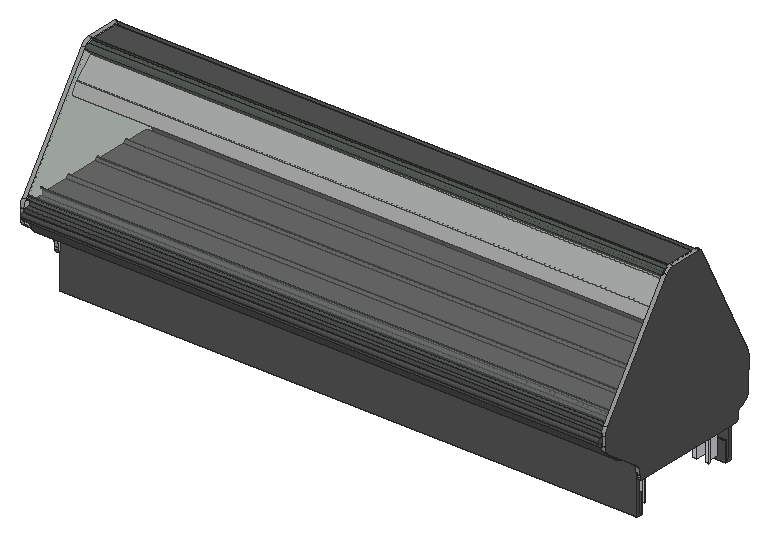
Revit family "ESGSS_2014", category Specialty Equipment, Revit 2014
Parameters (values of type "12'-0" Length")
  Width = 144 1/2"
  Waste Drain = 1 1/2"  # constant formula
  URL = "www.hussmann.com"
  Type Comments = "Elite"  # constant formula
  Trim = Stainless Steel
  Total Weight = Case Weight + (2 * End Weight)  # 1400.00 lbf
  Splashguard = Textured Sheet Metal (Steel Painted) - 701 Black
  Side Panel - Right [instance] = yes
  Side Panel - Left [instance] = yes
  Shelves = Sheet Metal (Steel Painted) - 701 Black
  Revit Family Date = "05/26/2016"  # constant formula
  Refrigeration Lines Suction = 5/8"  # constant formula
  Refrigeration Lines Liquid = 3/8"  # constant formula
  Refrig. Suction = "Suction"
  Refrig. Liquid = "Liquid"
  Number of Supports = if(Width < 50", 2, if(Width < 100", 3, 4))  # 4
  Note from Manufacturer = "This model only comes 4'-0\", 6'-0\", 8'-0\", and 12'-0\" lengths."
  Model URL = "http://www.hussmann.com/en/product%20viewer/display-cases/ESGMS,%20ESGSS"
  Model = "ESGSS"  # constant formula
  Manufacturer Disclaimer = "The information in this file is not intended to be an exact representation of the corresponding Hussmann product.  Further, we reserve the right to change or revise specifications and product design in connection with any feature of our products. Such changes do not entitle the buyer to corresponding changes, improvements, additions, or replacements for equipment previously sold or shipped."  # constant formula
  Manufacturer = "Hussmann Corporation"  # constant formula
  Location of Drain = if(Width < 144", 24 1/8", 72 1/4")  # 72 1/4"
  Light [instance] = yes
  Height = 52 1/4"  # constant formula
  Glazing = Glass
  Ends = Textured Sheet Metal (Steel Painted) - 701 Black
  End Weight = 100.00 lbf  # constant formula
  Door Frame = Plastic - 701 Black
  Description = "Straight Glass Service Case with Gravity Coil for Seafood"  # constant formula
  Depth = 45 1/4"  # constant formula
  Cutsheet URL = "http://www.hussmann.com/en/Technical%20Documents/0522405_B_ESGSS.pdf"
  Case Weight = if(Width = 48 1/4", 600.00 lbf, if(Width = 72 3/8", 700.00 lbf, if(Width = 96 3/8", 1100.00 lbf, if(Width = 144 1/2", 1200.00 lbf, 0.00 lbf))))  # 1200.00 lbf
  Case Interior - Side Panel = Mirror
  Case Interior - Back Panel = Stainless Steel
  Case = Textured Sheet Metal (Steel Painted) - 701 Black
  Bumper = Extruded PVC - 701 Black
  Assembly Code = ""
  Accessories/Options = ""
  8 Case = Width = 96 3/8"  # no
  6 Case = Width = 72 3/8"  # no
  4 Case = Width = 48 1/4"  # no
  12 Case = Width = 144 1/2"  # yes
Reference planes (in)
  plane 1 "Back": y = 0
  plane 2 "Bottom": z = 0
  plane 3 "Top": z = 52.25
  plane 4 "Left": x = -77.30699
  plane 5 "Front": y = -45.25
  plane 6 "Center (Left/Right)": x = -5.05699
  plane 7: x = -78.30699
  plane 8 "Right": x = 67.19301
  plane 9: x = 68.19301
Forms (in)
  Extrusion 1, solid, material "Metal - Copper"
    sketch origin (63.0625, 1.04319, 0) x (1, 0, 0) y (0, 1, 0)
      loop
        arc (-68.11949, -26.54319) -> (-68.64982, -26.76286) -> (-68.86949, -27.29319) r 0.75
        arc (-68.86949, -27.29319) -> (-68.64982, -27.82352) -> (-68.11949, -28.04319) r 0.75
        arc (-68.11949, -28.04319) -> (-67.58916, -27.82352) -> (-67.36949, -27.29319) r 0.75
        arc (-67.36949, -27.29319) -> (-67.58916, -26.76286) -> (-68.11949, -26.54319) r 0.75
      loop
        circle (-68.11949, -27.29319) r 0.7102
    from 15.4495 to 14.2
  Extrusion 2, solid, material "Metal - Copper"
    sketch origin (57.40105, 5, -0.375) x (1, 0, 0) y (0, 1, 0)
      loop
        circle (1.22946, -34.375) r 0.28859
      loop
        circle (1.22946, -34.375) r 0.3125
    from 15.8245 to 0.375
  Extrusion 3, solid, material "Metal - Copper"
    sketch origin (59.82608, 5, -0.375) x (1, 0, 0) y (0, 1, 0)
      loop
        circle (-0.69557, -34.375) r 0.17188
      loop
        circle (-0.69557, -34.375) r 0.1875
    from 15.8245 to 0.375
  Extrusion 4, solid, material "Textured Sheet Metal (Steel Painted) - 701 Black" <- "Case"
    sketch origin (-5.05699, 0, 0) x (0, 1, 0) y (0, 0, 1)
      loop
        arc (-43.34613, 20.46649) -> (-40.36116, 16.18673) -> (-35.40912, 14.54243) r 8.279
        line (-35.40912, 14.54243) -> (-35.13012, 14.54243) -> (-35.13012, 15.12049) -> (-32.38472, 15.12049) -> (-32.38472, 13.03449) -> (-32.18041, 13.15244) -> (-31.84269, 12.56748) -> (-31.84269, 15.4495) -> (-5.46069, 15.4495) -> (-5.46069, 12.56949) -> (-2.20656, 12.56949) -> (-0.04964, 14.72641) -> (-0.05876, 19.34519) -> (0, 19.34519) -> (0, 20.00316) -> (-0.062, 20.00316) -> (-0.062, 23.22015) -> (-0.8415, 24.75) -> (-4.0439, 23.11829) -> (-5.2273, 25.44085) -> (-5.72181, 25.18889) -> (-5.51752, 24.78793) -> (-5.45069, 24.82198) -> (-5.62094, 25.15611) -> (-5.26008, 25.33998) -> (-4.01342, 22.89327) -> (-7.65194, 22.89327) -> (-7.65194, 23.03827) -> (-7.72694, 23.03827) -> (-7.72694, 22.81827) -> (-3.84453, 22.81827) -> (-4.17722, 22.64876) -> (-4.51207, 22.0258) -> (-4.51207, 21.52249) -> (-37.44744, 21.52249) -> (-37.44744, 23.4609) -> (-39.4766, 23.4609) -> (-39.4766, 24.2149) -> (-40.75586, 24.2149) -> (-40.75586, 24.26058) -> (-42.60732, 25.32952)
        arc (-42.60732, 25.32952) -> (-42.68944, 25.3331) -> (-42.73947, 25.2679) r 0.089
        line (-42.73947, 25.2679) -> (-43.05817, 23.46049) -> (-44.31609, 23.46049) -> (-44.31609, 20.46649) -> (-43.34613, 20.46649)
      loop
        line (-16.41514, 47.39822) -> (-13.21274, 49.02993) -> (-14.78962, 52.12472) -> (-15.85021, 52.12472) -> (-15.85021, 51.83972) -> (-22.93044, 51.83972) -> (-22.93044, 52.12472) -> (-23.04044, 52.12472) -> (-23.04044, 49.54858) -> (-17.51081, 49.54858) -> (-16.41514, 47.39822)
    from 72.25 to -72.25
  Extrusion 5, solid, material "Sheet Metal (Steel Painted) - 701 Black" <- "Shelves"
    sketch origin (-5.05699, 0, 0) x (0, 1, 0) y (0, 0, 1)
      loop
        line (-37.4476, 23.36548) -> (-37.4476, 23.03827) -> (-5.71614, 23.03827) -> (-6.32905, 24.55527) -> (-12.26216, 24.55527) -> (-12.84942, 25.14253)
        arc (-12.84942, 25.14253) -> (-12.89538, 25.16156) -> (-12.94134, 25.14253) r 0.065
        line (-12.94134, 25.14253) -> (-13.52859, 24.55527) -> (-21.26216, 24.55527) -> (-21.84942, 25.14253)
        arc (-21.84942, 25.14253) -> (-21.89538, 25.16156) -> (-21.94134, 25.14253) r 0.065
        line (-21.94134, 25.14253) -> (-22.52859, 24.55527) -> (-30.26216, 24.55527) -> (-30.84942, 25.14253)
        arc (-30.84942, 25.14253) -> (-30.89538, 25.16156) -> (-30.94134, 25.14253) r 0.065
        line (-30.94134, 25.14253) -> (-31.52859, 24.55527) -> (-38.8181, 24.55527) -> (-38.8181, 25.02035) -> (-38.88825, 25.02035) -> (-38.88825, 23.70998) -> (-37.57576, 23.70998)
        arc (-37.57576, 23.70998) -> (-37.40901, 23.61158) -> (-37.41453, 23.41803) r 0.1905
        line (-37.41453, 23.41803) -> (-37.4476, 23.36548)
    from 72.25 to -72.25
  Extrusion 6, solid, material "Glass" <- "Glazing"
    sketch origin (-5.05699, 0, 0) x (0, 1, 0) y (0, 0, 1)
      loop
        line (-39.4766, 23.4609) -> (-39.2266, 23.4609) -> (-39.2266, 25.8239)
        arc (-39.2266, 25.8239) -> (-39.3516, 25.9489) -> (-39.4766, 25.8239) r 0.125
        line (-39.4766, 25.8239) -> (-39.4766, 23.4609)
    from 72.25 to -72.25
  Extrusion 7, solid, material "Glass" <- "Glazing"
    sketch origin (-5.05699, 0, 0) x (0, 1, 0) y (0, 0, 1)
      loop
        line (-24.56718, 51.06366) -> (-24.75952, 51.20079) -> (-43.48057, 24.94084) -> (-43.28841, 24.80385) -> (-24.56718, 51.06366)
    from 72.25 to -72.25
  Extrusion 8, solid, material "Plastic - 701 Black" <- "Door Frame"
    sketch origin (-5.05699, 0, 0) x (0, 1, 0) y (0, 0, 1)
      loop
        line (-42.92793, 24.66558) -> (-42.80809, 25.34521) -> (-42.87066, 25.38981) -> (-43.28841, 24.80385) -> (-43.48057, 24.94084) -> (-43.0632, 25.5263) -> (-43.11366, 25.56227) -> (-43.53024, 24.97795)
        arc (-43.53024, 24.97795) -> (-43.54114, 24.93068) -> (-43.51542, 24.88954) r 0.06338
        line (-43.51542, 24.88954) -> (-43.31336, 24.74549)
        arc (-43.31336, 24.74549) -> (-43.26859, 24.73517) -> (-43.22962, 24.75953) r 0.06004
        line (-43.22962, 24.75953) -> (-43.21066, 24.78613)
        arc (-43.21066, 24.78613) -> (-43.16785, 24.81289) -> (-43.11865, 24.80155) r 0.06597
        line (-43.11865, 24.80155) -> (-42.92793, 24.66558)
      loop
        line (-24.75952, 51.20079) -> (-24.56718, 51.06366) -> (-25.05791, 50.37532) -> (-24.88164, 50.24951)
        arc (-24.88164, 50.24951) -> (-24.86696, 50.24611) -> (-24.85418, 50.25409) r 0.01969
        line (-24.85418, 50.25409) -> (-24.74903, 50.40142) -> (-24.39718, 49.82687)
        arc (-24.39718, 49.82687) -> (-24.31317, 49.73615) -> (-24.2007, 49.68476) r 0.31496
        line (-24.2007, 49.68476) -> (-23.51668, 49.52387)
        arc (-23.51668, 49.52387) -> (-22.59926, 49.42369) -> (-21.68488, 49.54858) r 3.78388
        line (-21.68488, 49.54858) -> (-23.04044, 49.54858) -> (-23.04044, 50.09559)
        arc (-23.04044, 50.09559) -> (-23.11333, 50.10553) -> (-23.18597, 50.11718) r 3.15396
        line (-23.18597, 50.11718) -> (-23.18597, 51.88199)
        arc (-23.18597, 51.88199) -> (-23.19704, 51.90935) -> (-23.22401, 51.92134) r 0.03937
        arc (-23.22401, 51.92134) -> (-23.8344, 51.87783) -> (-24.4223, 51.70797) r 2.91774
        arc (-24.4223, 51.70797) -> (-25.03088, 51.2776) -> (-25.32866, 50.59428) r 1.38647
        arc (-25.32866, 50.59428) -> (-25.32477, 50.57019) -> (-25.30799, 50.55247) r 0.04142
        line (-25.30799, 50.55247) -> (-25.25081, 50.51166) -> (-24.75952, 51.20079)
    from 72.25 to -72.25
  Extrusion 9, solid, material "Extruded PVC - 701 Black" <- "Bumper"
    sketch origin (-5.05699, 0, 0) x (0, 1, 0) y (0, 0, 1)
      loop
        arc (-44.69659, 22.55399) -> (-45.25009, 22.00049) -> (-44.69659, 21.44699) r 0.5535
        line (-44.69659, 21.44699) -> (-44.31609, 21.44699) -> (-44.31609, 22.55399) -> (-44.69659, 22.55399)
    from 72.25 to -72.25
  Extrusion 10, solid, material "Sheet Metal (Steel Painted) - 701 Black" <- "Shelves"
    sketch origin (-5.05699, 0, 0) x (0, 1, 0) y (0, 0, 1)
      loop
        line (-22.93044, 51.83972) -> (-15.85021, 51.83972) -> (-15.85021, 52.12472) -> (-22.93044, 52.12472) -> (-22.93044, 51.83972)
    from 72.25 to -72.25
  Extrusion 11, solid, material "Textured Sheet Metal (Steel Painted) - 701 Black" <- "Splashguard"
    sketch origin (-5.05699, 0, 0) x (0, 1, 0) y (0, 0, 1)
      loop
        line (-33.24969, 0.071) -> (-33.04469, 0.071) -> (-33.04469, 0) -> (-31.84269, 0) -> (-31.84269, 5) -> (-31.91369, 5) -> (-31.91369, 0.071) -> (-32.51669, 0.071) -> (-32.51669, 0.5) -> (-32.56279, 0.5) -> (-32.56279, 0.1) -> (-32.82069, 0.1) -> (-32.82069, 14.6) -> (-32.56279, 14.6) -> (-32.56279, 14.2) -> (-32.51669, 14.2) -> (-32.51669, 14.629) -> (-33.0154, 14.629) -> (-33.0154, 15.12049) -> (-33.6714, 15.12049) -> (-33.6714, 15.04949) -> (-33.0864, 15.04949) -> (-33.0864, 14.629) -> (-33.24969, 14.629) -> (-33.24969, 0.071)
      loop
        line (-4.00019, 0.071) -> (-4.00019, 11.929) -> (-4.24596, 11.929) -> (-4.24596, 12.47249) -> (-2.37596, 12.47249) -> (-2.37596, 11.89128) -> (-2.73177, 11.89128) -> (-2.73177, 11.84428) -> (-2.23177, 11.84428) -> (-2.23177, 12.56949) -> (-4.34296, 12.56949) -> (-4.34296, 11.929) -> (-4.73319, 11.929) -> (-4.73319, 11.5) -> (-4.68708, 11.5) -> (-4.68708, 11.9) -> (-4.42919, 11.9) -> (-4.42919, 0.1) -> (-4.68708, 0.1) -> (-4.68708, 0.5) -> (-4.73319, 0.5) -> (-4.73319, 0.071) -> (-5.38969, 0.071) -> (-5.38969, 5) -> (-5.46069, 5) -> (-5.46069, 0) -> (-4.25869, 0) -> (-4.25869, 0.071) -> (-4.00019, 0.071)
    from 72.25 to -72.25
  Extrusion 12, solid, material "Stainless Steel"
    sketch origin (-5.05699, 0, 0) x (0, 1, 0) y (0, 0, 1)
      loop
        line (-21.37668, 40.98157) -> (-15.62579, 40.44983) -> (-15.61263, 40.47769) -> (-15.16052, 40.26415) -> (-14.94698, 40.71626) -> (-15.39909, 40.9298) -> (-14.86972, 42.05057) -> (-14.92216, 42.07534) -> (-15.21813, 41.44872) -> (-16.56707, 42.08586) -> (-15.37275, 42.08586) -> (-15.37275, 44.52386) -> (-15.62175, 44.52386) -> (-15.62175, 45.8411) -> (-17.51081, 49.54858) -> (-20.10086, 49.54858) -> (-21.75058, 47.89886) -> (-22.56399, 47.89886) -> (-22.56399, 48.88614) -> (-23.80443, 48.88614) -> (-28.30349, 44.83517) -> (-29.65615, 42.29118) -> (-29.62525, 42.27475) -> (-28.27548, 44.81329) -> (-28.10211, 44.96939) -> (-28.10211, 44.28536) -> (-26.65711, 44.28536) -> (-26.65711, 44.92586) -> (-25.46475, 44.92586) -> (-25.46475, 43.45478) -> (-25.61032, 43.52354) -> (-25.75599, 43.21514) -> (-25.72774, 43.20179) -> (-25.59445, 43.48398) -> (-25.0136, 43.20962) -> (-25.21064, 42.79245) -> (-21.37668, 40.98157)
    from 72.25 to -72.25
  Extrusion 13, solid, material "Textured Sheet Metal (Steel Painted) - 701 Black" <- "Ends", visible <- "Side Panel - Left"
    sketch origin (-77.30699, 0, 0) x (0, 1, 0) y (0, 0, 1)
      loop
        arc (-2.13804, 11.42846) -> (-0.37597, 12.61332) -> (0.30461, 14.62469) r 3.31247
        line (0.30461, 14.62469) -> (0.30461, 22.22591)
        arc (0.30461, 22.22591) -> (0.21309, 22.9991) -> (-0.05639, 23.72955) r 3.31197
        line (-0.05639, 23.72955) -> (-14.46188, 52.00113) -> (-14.52397, 52.12158)
        arc (-14.52397, 52.12158) -> (-14.61406, 52.20552) -> (-14.73336, 52.23599) r 0.24882
        line (-14.73336, 52.23599) -> (-22.97206, 52.23599)
        arc (-22.97206, 52.23599) -> (-24.17615, 51.91105) -> (-25.11288, 51.08768) r 2.74998
        line (-25.11288, 51.08768) -> (-43.68115, 25.12276)
        arc (-43.68115, 25.12276) -> (-44.14658, 24.19847) -> (-44.30977, 23.17655) r 3.37189
        line (-44.30977, 23.17655) -> (-44.30977, 20.5934)
        arc (-44.30977, 20.5934) -> (-44.01186, 19.60315) -> (-43.32136, 18.83337) r 2.37497
        line (-43.32136, 18.83337) -> (-35.08138, 12.94866)
        arc (-35.08138, 12.94866) -> (-33.86862, 11.54616) -> (-33.4319, 9.74414) r 3.93782
        line (-33.4319, 9.74414) -> (-33.4319, 9.08306)
        arc (-33.4319, 9.08306) -> (-33.28475, 8.72781) -> (-32.9295, 8.58066) r 0.5024
        line (-32.9295, 8.58066) -> (-3.57933, 8.58066)
        arc (-3.57933, 8.58066) -> (-3.22578, 8.72711) -> (-3.07933, 9.08066) r 0.5
        line (-3.07933, 9.08066) -> (-3.07933, 10.19771)
        arc (-3.07933, 10.19771) -> (-2.81762, 10.97117) -> (-2.14003, 11.4268) r 1.27379
    from 0 to -1
  Extrusion 14, solid, material "Textured Sheet Metal (Steel Painted) - 701 Black" <- "Ends", visible <- "Side Panel - Right"
    sketch origin (67.19301, 0, 0) x (0, 0, 1) y (0, -1, 0)
      loop
        line (8.58066, 32.9295) -> (8.58066, 3.58752)
        arc (8.58066, 3.58752) -> (8.5964, 3.45479) -> (8.64671, 3.33096) r 0.50047
        arc (8.64671, 3.33096) -> (8.82985, 3.14679) -> (9.08066, 3.07933) r 0.5
        line (9.08066, 3.07933) -> (10.19739, 3.07933)
        arc (10.19739, 3.07933) -> (10.97206, 2.81718) -> (11.42834, 2.13847) r 1.27568
        arc (11.42834, 2.13847) -> (12.61315, 0.3761) -> (14.62469, -0.30461) r 3.31247
        line (14.62469, -0.30461) -> (22.22591, -0.30461)
        arc (22.22591, -0.30461) -> (22.99908, -0.2131) -> (23.72952, 0.05638) r 3.31197
        line (23.72952, 0.05638) -> (52.10497, 14.51443)
        arc (52.10497, 14.51443) -> (52.20194, 14.60641) -> (52.23766, 14.7352) r 0.25
        line (52.23766, 14.7352) -> (52.23766, 22.87627)
        arc (52.23766, 22.87627) -> (51.93332, 24.13374) -> (51.08768, 25.11288) r 2.74998
        line (51.08768, 25.11288) -> (25.12453, 43.68604)
        arc (25.12453, 43.68604) -> (24.19918, 44.15241) -> (23.17595, 44.31606) r 3.37497
        line (23.17595, 44.31606) -> (20.76607, 44.31606)
        arc (20.76607, 44.31606) -> (19.67925, 44.05279) -> (18.83338, 43.32136) r 2.37497
        line (18.83338, 43.32136) -> (12.94867, 35.08138)
        arc (12.94867, 35.08138) -> (11.54616, 33.86862) -> (9.74414, 33.43211) r 3.93782
        line (9.74414, 33.43211) -> (9.08306, 33.4319)
        arc (9.08306, 33.4319) -> (8.72781, 33.28475) -> (8.58066, 32.9295) r 0.5024
    from 1 to 0
  Extrusion 15, solid, material "Stainless Steel" <- "Case Interior - Back Panel", visible <- "8 Case"
    sketch origin (-5.05699, 0, 0) x (0, 1, 0) y (0, 0, 1)
      loop
        line (-4.0439, 23.11829) -> (-0.8415, 24.75) -> (-13.21274, 49.02993) -> (-16.41514, 47.39822) -> (-4.0439, 23.11829)
    from -48.1875 to -47.59375
  Extrusion 16, solid, material "Stainless Steel" <- "Case Interior - Back Panel", visible <- "6 Case"
    sketch origin (-5.05699, 0, 0) x (0, 1, 0) y (0, 0, 1)
      loop
        line (-4.0439, 23.11829) -> (-0.8415, 24.75) -> (-13.21274, 49.02993) -> (-16.41514, 47.39822) -> (-4.0439, 23.11829)
    from -35.5 to -36.1875
  Extrusion 17, solid, material "Stainless Steel" <- "Case Interior - Back Panel", visible <- "12 Case"
    sketch origin (-5.05699, 0, 0) x (0, 1, 0) y (0, 0, 1)
      loop
        line (-4.0439, 23.11829) -> (-0.8415, 24.75) -> (-13.21274, 49.02993) -> (-16.41514, 47.39822) -> (-4.0439, 23.11829)
    from 0.625 to -0.625
  Extrusion 18, solid, material "Stainless Steel" <- "Case Interior - Back Panel", visible <- "12 Case"
    sketch origin (-5.05699, 0, 0) x (0, 1, 0) y (0, 0, 1)
      loop
        line (-4.0439, 23.11829) -> (-0.8415, 24.75) -> (-13.21274, 49.02993) -> (-16.41514, 47.39822) -> (-4.0439, 23.11829)
    from -71.625 to -72.25
  Extrusion 19, solid, material "Stainless Steel" <- "Case Interior - Back Panel", visible <- "12 Case"
    sketch origin (-5.05699, 0, 0) x (0, 1, 0) y (0, 0, 1)
      loop
        line (-4.0439, 23.11829) -> (-0.8415, 24.75) -> (-13.21274, 49.02993) -> (-16.41514, 47.39822) -> (-4.0439, 23.11829)
    from 72.25 to 71.625
  Extrusion 20, solid, material "Stainless Steel" <- "Case Interior - Back Panel", visible <- "12 Case", not visible
    sketch origin (-5.05699, -39, 0) x (0, 1, 0) y (0, 0, 1)
      loop
        line (-4.0439, 23.11829) -> (-0.8415, 24.75) -> (-13.21274, 49.02993) -> (-16.41514, 47.39822) -> (-4.0439, 23.11829)
    from 0.625 to -0.625
  Extrusion 21, solid, material "Stainless Steel" <- "Case Interior - Back Panel", visible <- "12 Case", not visible
    sketch origin (-5.05699, -39, 0) x (0, 1, 0) y (0, 0, 1)
      loop
        line (-4.0439, 23.11829) -> (-0.8415, 24.75) -> (-13.21274, 49.02993) -> (-16.41514, 47.39822) -> (-4.0439, 23.11829)
    from -71.625 to -72.25
  Extrusion 22, solid, material "Stainless Steel" <- "Case Interior - Back Panel", visible <- "12 Case", not visible
    sketch origin (-5.05699, -39, 0) x (0, 1, 0) y (0, 0, 1)
      loop
        line (-4.0439, 23.11829) -> (-0.8415, 24.75) -> (-13.21274, 49.02993) -> (-16.41514, 47.39822) -> (-4.0439, 23.11829)
    from 72.25 to 71.625
  Extrusion 23, solid, material "Stainless Steel" <- "Case Interior - Back Panel", visible <- "6 Case"
    sketch origin (-5.05699, 0, 0) x (0, 1, 0) y (0, 0, 1)
      loop
        line (-4.0439, 23.11829) -> (-0.8415, 24.75) -> (-13.21274, 49.02993) -> (-16.41514, 47.39822) -> (-4.0439, 23.11829)
    from 36.1875 to 35.5
  Extrusion 24, solid, material "Stainless Steel" <- "Case Interior - Back Panel", visible <- "6 Case", not visible
    sketch origin (-5.05699, 40.54873, 0) x (0, 1, 0) y (0, 0, 1)
      loop
        line (-4.0439, 23.11829) -> (-0.8415, 24.75) -> (-13.21274, 49.02993) -> (-16.41514, 47.39822) -> (-4.0439, 23.11829)
    from -35.5 to -36.1875
  Extrusion 25, solid, material "Stainless Steel" <- "Case Interior - Back Panel", visible <- "6 Case", not visible
    sketch origin (-5.05699, 40.54873, 0) x (0, 1, 0) y (0, 0, 1)
      loop
        line (-4.0439, 23.11829) -> (-0.8415, 24.75) -> (-13.21274, 49.02993) -> (-16.41514, 47.39822) -> (-4.0439, 23.11829)
    from 36.1875 to 35.5
  Extrusion 26, solid, material "Stainless Steel" <- "Case Interior - Back Panel", visible <- "8 Case"
    sketch origin (-5.05699, 0, 0) x (0, 1, 0) y (0, 0, 1)
      loop
        line (-4.0439, 23.11829) -> (-0.8415, 24.75) -> (-13.21274, 49.02993) -> (-16.41514, 47.39822) -> (-4.0439, 23.11829)
    from -0.59375 to 0.59375
  Extrusion 27, solid, material "Stainless Steel" <- "Case Interior - Back Panel", visible <- "8 Case"
    sketch origin (-5.05699, 0, 0) x (0, 1, 0) y (0, 0, 1)
      loop
        line (-4.0439, 23.11829) -> (-0.8415, 24.75) -> (-13.21274, 49.02993) -> (-16.41514, 47.39822) -> (-4.0439, 23.11829)
    from 47.59375 to 48.1875
  Extrusion 28, solid, material "Stainless Steel" <- "Case Interior - Back Panel", visible <- "8 Case", not visible
    sketch origin (-5.05699, -67, 0) x (0, 1, 0) y (0, 0, 1)
      loop
        line (-4.0439, 23.11829) -> (-0.8415, 24.75) -> (-13.21274, 49.02993) -> (-16.41514, 47.39822) -> (-4.0439, 23.11829)
    from -48.1875 to -47.59375
  Extrusion 29, solid, material "Stainless Steel" <- "Case Interior - Back Panel", visible <- "8 Case", not visible
    sketch origin (-5.05699, -67, 0) x (0, 1, 0) y (0, 0, 1)
      loop
        line (-4.0439, 23.11829) -> (-0.8415, 24.75) -> (-13.21274, 49.02993) -> (-16.41514, 47.39822) -> (-4.0439, 23.11829)
    from -0.59375 to 0.59375
  Extrusion 30, solid, material "Stainless Steel" <- "Case Interior - Back Panel", visible <- "8 Case", not visible
    sketch origin (-5.05699, -67, 0) x (0, 1, 0) y (0, 0, 1)
      loop
        line (-4.0439, 23.11829) -> (-0.8415, 24.75) -> (-13.21274, 49.02993) -> (-16.41514, 47.39822) -> (-4.0439, 23.11829)
    from 47.59375 to 48.1875
  Extrusion 31, solid, material "Stainless Steel" <- "Case Interior - Back Panel", visible <- "4 Case"
    sketch origin (-5.05699, 0, 0) x (0, 1, 0) y (0, 0, 1)
      loop
        line (-4.0439, 23.11829) -> (-0.8415, 24.75) -> (-13.21274, 49.02993) -> (-16.41514, 47.39822) -> (-4.0439, 23.11829)
    from -23.5 to -24.125
  Extrusion 32, solid, material "Stainless Steel" <- "Case Interior - Back Panel", visible <- "4 Case"
    sketch origin (-5.05699, 0, 0) x (0, 1, 0) y (0, 0, 1)
      loop
        line (-4.0439, 23.11829) -> (-0.8415, 24.75) -> (-13.21274, 49.02993) -> (-16.41514, 47.39822) -> (-4.0439, 23.11829)
    from 24.125 to 23.5
  Extrusion 33, solid, material "Stainless Steel" <- "Case Interior - Back Panel", visible <- "4 Case", not visible
    sketch origin (-5.05699, 24, 0) x (0, 1, 0) y (0, 0, 1)
      loop
        line (-4.0439, 23.11829) -> (-0.8415, 24.75) -> (-13.21274, 49.02993) -> (-16.41514, 47.39822) -> (-4.0439, 23.11829)
    from -23.5 to -24.125
  Extrusion 34, solid, material "Stainless Steel" <- "Case Interior - Back Panel", visible <- "4 Case", not visible
    sketch origin (-5.05699, 24, 0) x (0, 1, 0) y (0, 0, 1)
      loop
        line (-4.0439, 23.11829) -> (-0.8415, 24.75) -> (-13.21274, 49.02993) -> (-16.41514, 47.39822) -> (-4.0439, 23.11829)
    from 24.125 to 23.5
Lines and regions (in)
  reference lines
    curve 1: line (-73.68199, -45.25, 0) -> (-73.68199, 0, 0)
    curve 2: line (-5.05699, -45.25, 0) -> (-5.05699, 0, 0)
    curve 3: line (63.56801, -45.25, 0) -> (63.56801, 0, 0)
    curve 4: line (58.94301, -45.25, 0) -> (58.94301, 0, 0)
    curve 5: line (-77.30699, -26.25, 0) -> (67.19301, -26.25, 0)
    curve 6: line (67.19301, -29.375, 0) -> (-77.30699, -29.375, 0)
Dimensions and locks (in)
  equal spacing: plane 4 "Left", plane 6 "Center (Left/Right)", plane 8 "Right"
  locked: plane 7 to plane 4 "Left" at 1
  "Width": plane 4 "Left" to plane 8 "Right"
  locked: plane 4 "Left" to curve 1 at 3.625
  locked: curve 3 to plane 8 "Right" at 3.625
  "Location of Drain": curve 2 to plane 8 "Right"
  "Depth": plane 5 "Front" to plane 1 "Back"
  locked: curve 4 to plane 8 "Right" at 8.25
  "Height": plane 3 "Top" to level
  locked: plane 1 "Back" to curve 5 at 26.25
  locked: plane 1 "Back" to curve 6 at 29.375
  locked: plane 8 "Right" to plane 9 at 1
  locked: Extrusion 1 sketch curve to Extrusion 1 sketch curve at 0.0398
  locked: Extrusion 3 sketch curve to Extrusion 3 sketch curve at 0.01562
  locked: Extrusion 2 sketch curve to Extrusion 2 sketch curve at 0.02391
  locked: nested 1 to plane 1 "Back" at 5.46069
  equal spacing: group 1, group 11, group 12, group 2  (x3)
  Extrusion 4 to Extrusion 4 = 27 1/4"
  "Waste Drain": diameter of Extrusion 1 sketch curve
  "Refrigeration Lines Liquid": diameter of Extrusion 3 sketch curve
  "Refrigeration Lines Suction": diameter of Extrusion 2 sketch curve
  aligned and locked: plane 5 "Front" to curve 2
  aligned and locked: plane 5 "Front" to curve 3
  aligned and locked: plane 5 "Front" to curve 1
  aligned and locked: plane 4 "Left" to curve 5
  aligned and locked: plane 4 "Left" to curve 6
  aligned and locked: plane 8 "Right" to curve 6
  aligned and locked: plane 8 "Right" to curve 5
  aligned and locked: Extrusion 2 to level
  aligned and locked: Extrusion 3 to level
  aligned and locked: curve 6 to Extrusion 3 sketch curve  (x4)
  aligned and locked: curve 6 to Extrusion 2 sketch curve  (x4)
  aligned and locked: curve 5 to Extrusion 1 sketch curve  (x3)
  aligned and locked: curve 2 to Extrusion 1 sketch curve
  aligned and locked: curve 4 to Extrusion 3 sketch curve
  aligned and locked: curve 4 to Extrusion 2 sketch curve
  aligned and locked: curve 1 to nested 1
  aligned and locked: curve 3 to nested 2
  aligned and locked: nested 1 to nested 2
  aligned and locked: Extrusion 4 to plane 4 "Left"
  aligned and locked: plane 8 "Right" to Extrusion 4
  aligned and locked: Extrusion 5 to plane 4 "Left"
  aligned and locked: plane 8 "Right" to Extrusion 5
  aligned and locked: Extrusion 6 to plane 4 "Left"
  aligned and locked: plane 8 "Right" to Extrusion 6
  aligned and locked: Extrusion 7 to plane 4 "Left"
  aligned and locked: plane 8 "Right" to Extrusion 7
  aligned and locked: Extrusion 8 to plane 4 "Left"
  aligned and locked: plane 8 "Right" to Extrusion 8
  aligned and locked: Extrusion 9 to plane 4 "Left"
  aligned and locked: plane 8 "Right" to Extrusion 9
  aligned and locked: Extrusion 10 to plane 4 "Left"
  aligned and locked: plane 8 "Right" to Extrusion 10
  aligned and locked: Extrusion 11 to plane 4 "Left"
  aligned and locked: plane 8 "Right" to Extrusion 11
  aligned and locked: Extrusion 12 to plane 4 "Left"
  aligned and locked: plane 8 "Right" to Extrusion 12
  aligned and locked: plane 4 "Left" to nested 3
  aligned and locked: plane 7 to Extrusion 13
  aligned and locked: plane 4 "Left" to Extrusion 13
  aligned and locked: plane 9 to Extrusion 14
  aligned and locked: Extrusion 14 to plane 8 "Right"
Automatic sketch dimensions
  Extrusion 15 sketch curve to Extrusion 15 sketch curve = 3.2024"
  Extrusion 15 sketch curve to Extrusion 15 sketch curve = 1.63171"
  Extrusion 16 sketch curve to Extrusion 16 sketch curve = 3.2024"
  Extrusion 17 sketch curve to Extrusion 17 sketch curve = 3.2024"
  Extrusion 18 sketch curve to Extrusion 18 sketch curve = 3.2024"
  Extrusion 19 sketch curve to Extrusion 19 sketch curve = 3.2024"
  Extrusion 17 sketch curve to Extrusion 17 sketch curve = 12.37124"
  Extrusion 17 sketch curve to Extrusion 17 sketch curve = 1.63171"
  Extrusion 18 sketch curve to Extrusion 18 sketch curve = 12.37124"
  Extrusion 18 sketch curve to Extrusion 18 sketch curve = 1.63171"
  Extrusion 19 sketch curve to Extrusion 19 sketch curve = 12.37124"
  Extrusion 19 sketch curve to Extrusion 19 sketch curve = 1.63171"
  Extrusion 20 sketch curve to Extrusion 20 sketch curve = 3.2024"
  Extrusion 21 sketch curve to Extrusion 21 sketch curve = 3.2024"
  Extrusion 22 sketch curve to Extrusion 22 sketch curve = 3.2024"
  Extrusion 20 sketch curve to Extrusion 20 sketch curve = 12.37124"
  Extrusion 20 sketch curve to Extrusion 20 sketch curve = 1.63171"
  Extrusion 21 sketch curve to Extrusion 21 sketch curve = 12.37124"
  Extrusion 21 sketch curve to Extrusion 21 sketch curve = 1.63171"
  Extrusion 22 sketch curve to Extrusion 22 sketch curve = 12.37124"
  Extrusion 22 sketch curve to Extrusion 22 sketch curve = 1.63171"
  Extrusion 23 sketch curve to Extrusion 23 sketch curve = 3.2024"
  Extrusion 16 sketch curve to Extrusion 16 sketch curve = 12.37124"
  Extrusion 16 sketch curve to Extrusion 16 sketch curve = 1.63171"
  Extrusion 23 sketch curve to Extrusion 23 sketch curve = 12.37124"
  Extrusion 23 sketch curve to Extrusion 23 sketch curve = 1.63171"
  Extrusion 24 sketch curve to Extrusion 24 sketch curve = 3.2024"
  Extrusion 25 sketch curve to Extrusion 25 sketch curve = 3.2024"
  Extrusion 24 sketch curve to Extrusion 24 sketch curve = 12.37124"
  Extrusion 24 sketch curve to Extrusion 24 sketch curve = 1.63171"
  Extrusion 25 sketch curve to Extrusion 25 sketch curve = 12.37124"
  Extrusion 25 sketch curve to Extrusion 25 sketch curve = 1.63171"
  Extrusion 26 sketch curve to Extrusion 26 sketch curve = 3.2024"
  Extrusion 26 sketch curve to Extrusion 26 sketch curve = 1.63171"
  Extrusion 27 sketch curve to Extrusion 27 sketch curve = 3.2024"
  Extrusion 27 sketch curve to Extrusion 27 sketch curve = 1.63171"
  Extrusion 15 sketch curve to Extrusion 15 sketch curve = 12.37124"
  Extrusion 26 sketch curve to Extrusion 26 sketch curve = 12.37124"
  Extrusion 27 sketch curve to Extrusion 27 sketch curve = 12.37124"
  Extrusion 28 sketch curve to Extrusion 28 sketch curve = 3.2024"
  Extrusion 28 sketch curve to Extrusion 28 sketch curve = 1.63171"
  Extrusion 29 sketch curve to Extrusion 29 sketch curve = 3.2024"
  Extrusion 29 sketch curve to Extrusion 29 sketch curve = 1.63171"
  Extrusion 30 sketch curve to Extrusion 30 sketch curve = 3.2024"
  Extrusion 30 sketch curve to Extrusion 30 sketch curve = 1.63171"
  Extrusion 28 sketch curve to Extrusion 28 sketch curve = 12.37124"
  Extrusion 29 sketch curve to Extrusion 29 sketch curve = 12.37124"
  Extrusion 30 sketch curve to Extrusion 30 sketch curve = 12.37124"
  Extrusion 4 sketch curve to plane 1 "Back" = 0"
  plane 1 "Back" to Extrusion 4 sketch curve = 0.04964"
  Extrusion 4 sketch curve to Extrusion 4 sketch curve = 0.05876"
  Extrusion 4 sketch curve to Extrusion 4 sketch curve = 0.062"
  plane 1 "Back" to Extrusion 4 sketch curve = 0.8415"
  plane 1 "Back" to Extrusion 4 sketch curve = 2.20656"
  Extrusion 4 sketch curve to Extrusion 4 sketch curve = 3.00303"
  Extrusion 4 sketch curve to Extrusion 4 sketch curve = 0.16889"
  Extrusion 4 sketch curve to Extrusion 4 sketch curve = 0.03048"
  Extrusion 4 sketch curve to Extrusion 4 sketch curve = 0.1638"
  Extrusion 4 sketch curve to Extrusion 4 sketch curve = 0.33486"
  Extrusion 4 sketch curve to Extrusion 4 sketch curve = 1.1834"
  Extrusion 4 sketch curve to Extrusion 4 sketch curve = 0.03278"
  Extrusion 4 sketch curve to Extrusion 4 sketch curve = 0.19061"
  Extrusion 4 sketch curve to Extrusion 4 sketch curve = 3.25412"
  Extrusion 4 sketch curve to Extrusion 4 sketch curve = 0.06683"
  Extrusion 4 sketch curve to Extrusion 4 sketch curve = 0.17025"
  Extrusion 4 sketch curve to Extrusion 4 sketch curve = 0.10087"  (x2)
  Extrusion 4 sketch curve to Extrusion 4 sketch curve = 2.13442"
  Extrusion 4 sketch curve to Extrusion 4 sketch curve = 0.075"  (x2)
  plane 3 "Top" to Extrusion 4 sketch curve = 3.22007"
  plane 1 "Back" to Extrusion 4 sketch curve = 13.21274"
  plane 3 "Top" to Extrusion 4 sketch curve = 0.12528"  (x2)
  Extrusion 4 sketch curve to Extrusion 4 sketch curve = 1.57688"
  plane 3 "Top" to Extrusion 4 sketch curve = 0.41028"
  Extrusion 4 sketch curve to Extrusion 4 sketch curve = 1.0606"
  plane 3 "Top" to Extrusion 4 sketch curve = 4.85178"
  Extrusion 4 sketch curve to Extrusion 4 sketch curve = 1.09566"
  Extrusion 4 sketch curve to Extrusion 4 sketch curve = 5.41964"
  Extrusion 4 sketch curve to Extrusion 4 sketch curve = 0.11"
  plane 5 "Front" to Extrusion 4 sketch curve = 13.40731"
  Extrusion 4 sketch curve to Extrusion 4 sketch curve = 0.33773"
  Extrusion 4 sketch curve to Extrusion 4 sketch curve = 0.20431"
  Extrusion 4 sketch curve to Extrusion 4 sketch curve = 2.7454"
  Extrusion 4 sketch curve to Extrusion 4 sketch curve = 0.279"
  Extrusion 4 sketch curve to Extrusion 4 sketch curve = 2.03832"
  Extrusion 4 sketch curve to Extrusion 4 sketch curve = 2.02916"
  Extrusion 4 sketch curve to Extrusion 4 sketch curve = 1.27926"
  Extrusion 4 sketch curve to Extrusion 4 sketch curve = 1.85146"
  Extrusion 4 sketch curve to Extrusion 4 sketch curve = 0.0445"
  Extrusion 4 sketch curve to Extrusion 4 sketch curve = 0.08765"
  Extrusion 4 sketch curve to Extrusion 4 sketch curve = 0.31869"
  plane 5 "Front" to Extrusion 4 sketch curve = 1.90387"
  plane 5 "Front" to Extrusion 4 sketch curve = 0.93391"
  Extrusion 4 sketch curve to Extrusion 4 sketch curve = 21.95737"
  level to Extrusion 4 sketch curve = 25.32952"
  Extrusion 4 sketch curve to Extrusion 4 sketch curve = 0.06162"
  Extrusion 4 sketch curve to Extrusion 4 sketch curve = 1.06894"
  Extrusion 4 sketch curve to Extrusion 4 sketch curve = 0.04568"
  Extrusion 4 sketch curve to Extrusion 4 sketch curve = 0.754"
  Extrusion 4 sketch curve to Extrusion 4 sketch curve = 1.80741"
  Extrusion 4 sketch curve to Extrusion 4 sketch curve = 0.145"
  Extrusion 4 sketch curve to Extrusion 4 sketch curve = 0.63947"
  Extrusion 4 sketch curve to Extrusion 4 sketch curve = 0.24451"
  Extrusion 4 sketch curve to Extrusion 4 sketch curve = 0.62296"
  Extrusion 4 sketch curve to Extrusion 4 sketch curve = 0.50331"
  Extrusion 4 sketch curve to Extrusion 4 sketch curve = 2.994"
  Extrusion 4 sketch curve to Extrusion 4 sketch curve = 3.21699"
  Extrusion 4 sketch curve to Extrusion 4 sketch curve = 0.65798"
  Extrusion 4 sketch curve to Extrusion 4 sketch curve = 0.90707"
  Extrusion 4 sketch curve to Extrusion 4 sketch curve = 0.32901"
  Extrusion 4 sketch curve to Extrusion 4 sketch curve = 4.61877"
  Extrusion 4 sketch curve to Extrusion 4 sketch curve = 1.96804"
  Extrusion 4 sketch curve to Extrusion 4 sketch curve = 0.11796"
  Extrusion 4 sketch curve to Extrusion 4 sketch curve = 2.15693"
  plane 5 "Front" to Extrusion 5 sketch curve = 6.36175"
  Extrusion 5 sketch curve to Extrusion 5 sketch curve = 0.07016"
  Extrusion 5 sketch curve to Extrusion 5 sketch curve = 1 5/16"
  Extrusion 5 sketch curve to Extrusion 5 sketch curve = 0.12816"
  Extrusion 5 sketch curve to Extrusion 5 sketch curve = 0.03307"
  Extrusion 5 sketch curve to Extrusion 5 sketch curve = 5.88594"
  Extrusion 5 sketch curve to Extrusion 5 sketch curve = 0.58725"  (x6)
  Extrusion 5 sketch curve to Extrusion 5 sketch curve = 0.04596"  (x9)
  Extrusion 5 sketch curve to Extrusion 5 sketch curve = 7.73357"  (x2)
  Extrusion 5 sketch curve to Extrusion 5 sketch curve = 5.93311"
  Extrusion 5 sketch curve to Extrusion 5 sketch curve = 0.61291"
  level to Extrusion 5 sketch curve = 23.03827"
  Extrusion 5 sketch curve to Extrusion 5 sketch curve = 0.32721"
  Extrusion 5 sketch curve to Extrusion 5 sketch curve = 0.05255"
  Extrusion 5 sketch curve to Extrusion 5 sketch curve = 0.10146"
  Extrusion 5 sketch curve to Extrusion 5 sketch curve = 0.84529"
  Extrusion 5 sketch curve to Extrusion 5 sketch curve = 1.517"
  Extrusion 5 sketch curve to Extrusion 5 sketch curve = 0"  (x2)
  Extrusion 5 sketch curve to Extrusion 5 sketch curve = 0.46508"
  Extrusion 5 sketch curve to Extrusion 5 sketch curve = 0.54129"  (x3)
  plane 5 "Front" to Extrusion 6 sketch curve = 5.7734"
  Extrusion 6 sketch curve to Extrusion 6 sketch curve = 1/8"
  level to Extrusion 6 sketch curve = 23.4609"
  Extrusion 6 sketch curve to Extrusion 6 sketch curve = 2.363"
  plane 5 "Front" to Extrusion 9 sketch curve = 0.55341"
  Extrusion 9 sketch curve to Extrusion 9 sketch curve = 0.3805"
  level to Extrusion 9 sketch curve = 21.44699"
  Extrusion 9 sketch curve to Extrusion 9 sketch curve = 0.5535"
  plane 3 "Top" to Extrusion 10 sketch curve = 0.12528"
  plane 5 "Front" to Extrusion 10 sketch curve = 22.31956"
  Extrusion 10 sketch curve to Extrusion 10 sketch curve = 7.08023"
  Extrusion 10 sketch curve to Extrusion 10 sketch curve = 0.285"
  Extrusion 11 sketch curve to level = 0"  (x2)
  plane 5 "Front" to Extrusion 11 sketch curve = 11.5786"
  level to Extrusion 11 sketch curve = 0.071"  (x4)
  plane 5 "Front" to Extrusion 11 sketch curve = 12.00031"
  Extrusion 11 sketch curve to Extrusion 11 sketch curve = 0.16328"
  Extrusion 11 sketch curve to Extrusion 11 sketch curve = 0.205"
  Extrusion 11 sketch curve to Extrusion 11 sketch curve = 0.071"  (x4)
  Extrusion 11 sketch curve to Extrusion 11 sketch curve = 0.19472"
  Extrusion 11 sketch curve to Extrusion 11 sketch curve = 0.2579"  (x3)
  Extrusion 11 sketch curve to Extrusion 11 sketch curve = 0.0461"  (x4)
  Extrusion 11 sketch curve to Extrusion 11 sketch curve = 0.603"
  plane 1 "Back" to Extrusion 11 sketch curve = 5.46069"
  Extrusion 11 sketch curve to Extrusion 11 sketch curve = 0.6565"
  plane 1 "Back" to Extrusion 11 sketch curve = 4.73319"
  Extrusion 11 sketch curve to Extrusion 11 sketch curve = 0.08622"
  Extrusion 11 sketch curve to Extrusion 11 sketch curve = 0.1705"
  Extrusion 11 sketch curve to Extrusion 11 sketch curve = 0.097"  (x2)
  Extrusion 11 sketch curve to Extrusion 11 sketch curve = 0.24578"
  Extrusion 11 sketch curve to Extrusion 11 sketch curve = 1.26842"
  Extrusion 11 sketch curve to Extrusion 11 sketch curve = 0.35581"
  Extrusion 11 sketch curve to Extrusion 11 sketch curve = 0.14419"
  Extrusion 11 sketch curve to Extrusion 11 sketch curve = 0.029"  (x3)
  level to Extrusion 11 sketch curve = 0.1"
  Extrusion 11 sketch curve to Extrusion 11 sketch curve = 0.4"  (x4)
  Extrusion 11 sketch curve to Extrusion 11 sketch curve = 4 1/2"  (x2)
  Extrusion 11 sketch curve to Extrusion 11 sketch curve = 6 1/2"
  Extrusion 11 sketch curve to Extrusion 11 sketch curve = 0.34428"
  Extrusion 11 sketch curve to Extrusion 11 sketch curve = 0.047"
  Extrusion 11 sketch curve to Extrusion 11 sketch curve = 0"  (x2)
  Extrusion 11 sketch curve to Extrusion 11 sketch curve = 0.54349"
  Extrusion 11 sketch curve to Extrusion 11 sketch curve = 9.2"
  Extrusion 11 sketch curve to Extrusion 11 sketch curve = 0.42049"
  plane 5 "Front" to Extrusion 12 sketch curve = 15.59385"
  Extrusion 12 sketch curve to Extrusion 12 sketch curve = 0.0309"
  plane 3 "Top" to Extrusion 12 sketch curve = 7.41483"
  Extrusion 12 sketch curve to Extrusion 12 sketch curve = 1.35267"
  plane 3 "Top" to Extrusion 12 sketch curve = 7.43671"
  Extrusion 12 sketch curve to Extrusion 12 sketch curve = 0.02801"
  Extrusion 12 sketch curve to Extrusion 12 sketch curve = 0.17337"
  Extrusion 12 sketch curve to Extrusion 12 sketch curve = 1.445"
  plane 3 "Top" to Extrusion 12 sketch curve = 9.03486"
  Extrusion 12 sketch curve to Extrusion 12 sketch curve = 0.90112"
  plane 3 "Top" to Extrusion 12 sketch curve = 9.04821"
  Extrusion 12 sketch curve to Extrusion 12 sketch curve = 0.02826"
  plane 3 "Top" to Extrusion 12 sketch curve = 8.72646"
  plane 3 "Top" to Extrusion 12 sketch curve = 8.76602"
  Extrusion 12 sketch curve to Extrusion 12 sketch curve = 0.1297"
  plane 3 "Top" to Extrusion 12 sketch curve = 9.45755"
  Extrusion 12 sketch curve to Extrusion 12 sketch curve = 0.5171"
  Extrusion 12 sketch curve to Extrusion 12 sketch curve = 1.66032"
  Extrusion 12 sketch curve to Extrusion 12 sketch curve = 1.24044"
  Extrusion 12 sketch curve to Extrusion 12 sketch curve = 0.81341"
  plane 3 "Top" to Extrusion 12 sketch curve = 11.26843"
  Extrusion 12 sketch curve to Extrusion 12 sketch curve = 1.64972"
  Extrusion 12 sketch curve to Extrusion 12 sketch curve = 2.59005"
  Extrusion 12 sketch curve to Extrusion 12 sketch curve = 4.8096"
  Extrusion 12 sketch curve to Extrusion 12 sketch curve = 0.94129"
  Extrusion 12 sketch curve to Extrusion 12 sketch curve = 121/128"
  plane 3 "Top" to Extrusion 12 sketch curve = 11.77231"
  Extrusion 12 sketch curve to Extrusion 12 sketch curve = 0.01316"
  Extrusion 12 sketch curve to Extrusion 12 sketch curve = 0.21354"
  Extrusion 12 sketch curve to Extrusion 12 sketch curve = 0.249"
  Extrusion 12 sketch curve to Extrusion 12 sketch curve = 0.18096"
  Extrusion 12 sketch curve to Extrusion 12 sketch curve = 0.45211"  (x2)
  plane 3 "Top" to Extrusion 12 sketch curve = 11.53374"
  plane 3 "Top" to Extrusion 12 sketch curve = 10.17466"
  Extrusion 12 sketch curve to Extrusion 12 sketch curve = 0.45059"
  Extrusion 12 sketch curve to Extrusion 12 sketch curve = 0.52793"
  Extrusion 12 sketch curve to Extrusion 12 sketch curve = 2.438"
  Extrusion 12 sketch curve to Extrusion 12 sketch curve = 0.6405"
  Extrusion 12 sketch curve to Extrusion 12 sketch curve = 0.1561"
  Extrusion 12 sketch curve to Extrusion 12 sketch curve = 1.31724"
  plane 3 "Top" to Extrusion 12 sketch curve = 4.35114"
  Extrusion 12 sketch curve to Extrusion 12 sketch curve = 0.98728"
  plane 3 "Top" to Extrusion 12 sketch curve = 2.70142"
  plane 5 "Front" to Extrusion 13 sketch curve = 0.94023"
  Extrusion 13 sketch curve to Extrusion 13 sketch curve = 0.5024"
  plane 3 "Top" to Extrusion 13 sketch curve = 0.01401"
  plane 5 "Front" to Extrusion 13 sketch curve = 22.27794"
  plane 3 "Top" to Extrusion 13 sketch curve = 0.26282"
  plane 3 "Top" to Extrusion 13 sketch curve = 0.12842"
  plane 3 "Top" to Extrusion 13 sketch curve = 0.24887"
  Extrusion 13 sketch curve to Extrusion 13 sketch curve = 0.06209"
  plane 1 "Back" to Extrusion 13 sketch curve = 3.57933"
  plane 1 "Back" to Extrusion 13 sketch curve = 1.80554"
  plane 1 "Back" to Extrusion 13 sketch curve = 0.05639"
  Extrusion 13 sketch curve to plane 1 "Back" = 0.30461"
  level to Extrusion 13 sketch curve = 23.72955"
  level to Extrusion 13 sketch curve = 23.17655"
  Extrusion 13 sketch curve to Extrusion 13 sketch curve = 1.50364"
  level to Extrusion 13 sketch curve = 9.74414"
  level to Extrusion 14 sketch curve = 8.58066"
  Extrusion 14 sketch curve to Extrusion 14 sketch curve = 0.00042"
  Extrusion 14 sketch curve to Extrusion 14 sketch curve = 0.5024"
  Extrusion 14 sketch curve to Extrusion 14 sketch curve = 1.11673"
  Extrusion 14 sketch curve to Extrusion 14 sketch curve = 0.66108"
  plane 5 "Front" to Extrusion 14 sketch curve = 0.93394"
  Extrusion 14 sketch curve to plane 1 "Back" = 0.30461"
  plane 1 "Back" to Extrusion 14 sketch curve = 0.05638"
  Extrusion 14 sketch curve to Extrusion 14 sketch curve = 1.50361"
  Extrusion 14 sketch curve to Extrusion 14 sketch curve = 1.27568"
  Extrusion 14 sketch curve to Extrusion 14 sketch curve = 0.50023"
  Extrusion 14 sketch curve to Extrusion 14 sketch curve = 0.00024"
  plane 5 "Front" to Extrusion 14 sketch curve = 12.3205"
  Extrusion 14 sketch curve to Extrusion 14 sketch curve = 0.06605"
  Extrusion 31 sketch curve to Extrusion 31 sketch curve = 3.2024"
  Extrusion 31 sketch curve to Extrusion 31 sketch curve = 1.63171"
  Extrusion 32 sketch curve to Extrusion 32 sketch curve = 3.2024"
  Extrusion 32 sketch curve to Extrusion 32 sketch curve = 1.63171"
  Extrusion 31 sketch curve to Extrusion 31 sketch curve = 12.37124"
  Extrusion 32 sketch curve to Extrusion 32 sketch curve = 12.37124"
  Extrusion 33 sketch curve to Extrusion 33 sketch curve = 3.2024"
  Extrusion 33 sketch curve to Extrusion 33 sketch curve = 1.63171"
  Extrusion 34 sketch curve to Extrusion 34 sketch curve = 3.2024"
  Extrusion 34 sketch curve to Extrusion 34 sketch curve = 1.63171"
  Extrusion 33 sketch curve to Extrusion 33 sketch curve = 12.37124"
  Extrusion 34 sketch curve to Extrusion 34 sketch curve = 12.37124"
  plane 5 "Front" to Extrusion 7 sketch curve = 1.76943"
  Extrusion 7 sketch curve to Extrusion 7 sketch curve = 0.19217"
  plane 3 "Top" to Extrusion 7 sketch curve = 1.04921"
  plane 5 "Front" to Extrusion 7 sketch curve = 20.49048"
  plane 3 "Top" to Extrusion 7 sketch curve = 1.18634"
  Extrusion 7 sketch curve to Extrusion 7 sketch curve = 0.19235"
  plane 5 "Front" to Extrusion 8 sketch curve = 1.71976"
  Extrusion 8 sketch curve to Extrusion 8 sketch curve = 0.01482"
  Extrusion 8 sketch curve to Extrusion 8 sketch curve = 0.05161"  (x2)
  Extrusion 8 sketch curve to Extrusion 8 sketch curve = 0.20205"
  Extrusion 8 sketch curve to Extrusion 8 sketch curve = 0.03485"
  Extrusion 8 sketch curve to Extrusion 8 sketch curve = 0.04889"
  Extrusion 8 sketch curve to Extrusion 8 sketch curve = 0.01896"
  Extrusion 8 sketch curve to Extrusion 8 sketch curve = 0.05372"
  Extrusion 8 sketch curve to Extrusion 8 sketch curve = 0.03829"
  Extrusion 8 sketch curve to Extrusion 8 sketch curve = 0.41657"
  Extrusion 8 sketch curve to Extrusion 8 sketch curve = 0.00234"
  Extrusion 8 sketch curve to Extrusion 8 sketch curve = 0.0117"
  Extrusion 8 sketch curve to Extrusion 8 sketch curve = 0.0266"
  Extrusion 8 sketch curve to Extrusion 8 sketch curve = 0.14405"
  Extrusion 8 sketch curve to Extrusion 8 sketch curve = 0.05046"
  Extrusion 8 sketch curve to Extrusion 8 sketch curve = 0.19072"
  Extrusion 8 sketch curve to Extrusion 8 sketch curve = 0.13597"
  Extrusion 8 sketch curve to Extrusion 8 sketch curve = 0.25511"
  Extrusion 8 sketch curve to Extrusion 8 sketch curve = 0.06257"
  Extrusion 8 sketch curve to Extrusion 8 sketch curve = 0.04461"
  Extrusion 8 sketch curve to Extrusion 8 sketch curve = 0.0099"
  Extrusion 8 sketch curve to Extrusion 8 sketch curve = 0.00195"
  plane 3 "Top" to Extrusion 8 sketch curve = 1.04921"
  Extrusion 8 sketch curve to Extrusion 8 sketch curve = 0.19235"
  Extrusion 8 sketch curve to Extrusion 8 sketch curve = 17.81239"
  Extrusion 8 sketch curve to Extrusion 8 sketch curve = 0.18109"
  Extrusion 8 sketch curve to Extrusion 8 sketch curve = 0.00031"
  Extrusion 8 sketch curve to Extrusion 8 sketch curve = 24.98536"
  Extrusion 8 sketch curve to Extrusion 8 sketch curve = 0.61165"
  Extrusion 8 sketch curve to Extrusion 8 sketch curve = 0.63261"
  plane 3 "Top" to Extrusion 8 sketch curve = 0.36801"
  Extrusion 8 sketch curve to Extrusion 8 sketch curve = 0.66122"
  Extrusion 8 sketch curve to Extrusion 8 sketch curve = 0.56914"
  Extrusion 8 sketch curve to Extrusion 8 sketch curve = 0.33722"
  Extrusion 8 sketch curve to Extrusion 8 sketch curve = 0.00133"
  Extrusion 8 sketch curve to Extrusion 8 sketch curve = 0"  (x2)
  Extrusion 8 sketch curve to Extrusion 8 sketch curve = 0.03937"
  Extrusion 8 sketch curve to Extrusion 8 sketch curve = 0.02067"
  plane 3 "Top" to Extrusion 8 sketch curve = 1.73834"
  Extrusion 8 sketch curve to Extrusion 8 sketch curve = 0.02036"
  Extrusion 8 sketch curve to Extrusion 8 sketch curve = 0.03608"
  plane 3 "Top" to Extrusion 8 sketch curve = 2.00049"
  Extrusion 8 sketch curve to Extrusion 8 sketch curve = 0.36917"
  Extrusion 8 sketch curve to Extrusion 8 sketch curve = 0.01144"
  plane 3 "Top" to Extrusion 8 sketch curve = 1.99591"
  Extrusion 8 sketch curve to Extrusion 8 sketch curve = 0.01602"
  plane 3 "Top" to Extrusion 8 sketch curve = 1.84858"
  Extrusion 8 sketch curve to Extrusion 8 sketch curve = 0.10516"
  plane 3 "Top" to Extrusion 8 sketch curve = 2.42313"
  Extrusion 8 sketch curve to Extrusion 8 sketch curve = 0.457"
  plane 3 "Top" to Extrusion 8 sketch curve = 2.56524"
  Extrusion 8 sketch curve to Extrusion 8 sketch curve = 0.19648"
  Extrusion 8 sketch curve to Extrusion 8 sketch curve = 0.2686"
  Extrusion 8 sketch curve to Extrusion 8 sketch curve = 0.19377"
  Extrusion 8 sketch curve to Extrusion 8 sketch curve = 0.5737"
  Extrusion 8 sketch curve to plane 3 "Top" = 0.95723"
  plane 3 "Top" to Extrusion 8 sketch curve = 1.87468"
  Extrusion 8 sketch curve to Extrusion 8 sketch curve = 0.17627"
  Extrusion 8 sketch curve to Extrusion 8 sketch curve = 0.59331"
  Extrusion 8 sketch curve to Extrusion 8 sketch curve = 0.00022"
  Extrusion 8 sketch curve to Extrusion 8 sketch curve = 0.01812"
  Extrusion 8 sketch curve to Extrusion 8 sketch curve = 0.14553"
  Extrusion 8 sketch curve to Extrusion 8 sketch curve = 0.02471"
  Extrusion 8 sketch curve to Extrusion 8 sketch curve = 0.33071"
  Extrusion 8 sketch curve to Extrusion 8 sketch curve = 0.5186"
  plane 5 "Front" to Extrusion 14 sketch curve = 1.92864"
  Extrusion 14 sketch curve to Extrusion 14 sketch curve = 1.38027"
  Extrusion 14 sketch curve to Extrusion 14 sketch curve = 0"  (x2)
  plane 5 "Front" to Extrusion 14 sketch curve = 10.16862"
  Extrusion 14 sketch curve to Extrusion 14 sketch curve = 3.20452"
  Extrusion 14 sketch curve to Extrusion 14 sketch curve = 5.88471"
  Extrusion 14 sketch curve to Extrusion 14 sketch curve = 2.28855"
  plane 1 "Back" to Extrusion 14 sketch curve = 1.80366"
  Extrusion 14 sketch curve to Extrusion 14 sketch curve = 0.25656"
  Extrusion 14 sketch curve to Extrusion 14 sketch curve = 1.23096"
  Extrusion 14 sketch curve to Extrusion 14 sketch curve = 7.60122"
  plane 3 "Top" to Extrusion 14 sketch curve = 0.14503"
  plane 1 "Back" to Extrusion 14 sketch curve = 14.51443"
  plane 3 "Top" to Extrusion 14 sketch curve = 0.01234"
  Extrusion 14 sketch curve to Extrusion 14 sketch curve = 0.22077"
  Extrusion 14 sketch curve to Extrusion 14 sketch curve = 8.36184"
  Extrusion 14 sketch curve to Extrusion 14 sketch curve = 2.74998"
  plane 3 "Top" to Extrusion 14 sketch curve = 1.16232"
  plane 5 "Front" to Extrusion 14 sketch curve = 1.56396"
  Extrusion 14 sketch curve to Extrusion 14 sketch curve = 1.94858"
  Extrusion 14 sketch curve to Extrusion 14 sketch curve = 2.39483"
  Extrusion 14 sketch curve to Extrusion 14 sketch curve = 0.99998"
  Extrusion 13 sketch curve to Extrusion 13 sketch curve = 1/2"
  Extrusion 13 sketch curve to Extrusion 13 sketch curve = 1.11705"
  Extrusion 13 sketch curve to Extrusion 13 sketch curve = 0.9393"
  Extrusion 13 sketch curve to Extrusion 13 sketch curve = 0.00199"
  plane 3 "Top" to Extrusion 13 sketch curve = 1.16232"
  plane 5 "Front" to Extrusion 13 sketch curve = 1.56885"
  Extrusion 13 sketch curve to Extrusion 13 sketch curve = 1.96069"
  Extrusion 13 sketch curve to Extrusion 13 sketch curve = 2.14082"
  plane 1 "Back" to Extrusion 13 sketch curve = 3.00787"
  Extrusion 13 sketch curve to Extrusion 13 sketch curve = 3.19789"
  Extrusion 13 sketch curve to Extrusion 13 sketch curve = 2.58315"
  Extrusion 13 sketch curve to Extrusion 13 sketch curve = 0.01448"
  Extrusion 13 sketch curve to Extrusion 13 sketch curve = 0.09579"
  Extrusion 13 sketch curve to Extrusion 13 sketch curve = 8.2387"
  plane 5 "Front" to Extrusion 13 sketch curve = 11.8181"
  level to Extrusion 13 sketch curve = 10.19771"
  Extrusion 13 sketch curve to Extrusion 13 sketch curve = 3.93804"
  Extrusion 13 sketch curve to Extrusion 13 sketch curve = 0"
  Extrusion 13 sketch curve to Extrusion 13 sketch curve = 0.00022"
  Extrusion 13 sketch curve to Extrusion 13 sketch curve = 1.38027"
  Extrusion 13 sketch curve to Extrusion 13 sketch curve = 0.98841"
  Extrusion 13 sketch curve to Extrusion 13 sketch curve = 1.64926"
  Extrusion 13 sketch curve to Extrusion 13 sketch curve = 1.76003"
  Extrusion 1 sketch curve to Extrusion 1 sketch curve = 0"  (x2)
  Extrusion 2 sketch curve to Extrusion 2 sketch curve = 0"
  Extrusion 3 sketch curve to Extrusion 3 sketch curve = 0"
  curve 4 to plane 5 "Front" = 0"
  plane 1 "Back" to curve 4 = 0"
  plane 1 "Back" to curve 1 = 0"
  plane 1 "Back" to curve 3 = 0"
  plane 1 "Back" to curve 2 = 0"
Nested families (in)
  nested 1: "Floor Support - E Series" at (-73.0625, -2.46769, 0), type "Floor Support - E Series"
  nested 2: "Floor Support - E Series" at (64.1875, -2.46769, 0), type "Floor Support - E Series"
  nested 3: "Light" at (-5.30699, -18.7716, -8.21464), visible <- "Light", type "Light"
  nested 4: "Service Doors - 117deg - 48" at (-77.21324, -25.6905, -0.30892), visible <- "8 Case", type "Service Doors - 117deg - 48"
  nested 5: "Service Doors - 117deg - 72" at (-77.18199, -25.6905, -0.30892), visible <- "12 Case", type "Service Doors - 117deg - 72"
  nested 6: "Service Doors - 117deg - 72" at (-4.93199, -25.6905, -0.30892), visible <- "12 Case", type "Service Doors - 117deg - 72"
  nested 7: "Service Doors - 117deg - 72" at (-77.11949, -25.6905, -0.30892), visible <- "6 Case", type "Service Doors - 117deg - 72"
  nested 8: "Service Doors - 117deg - 72" at (-77.18199, -64.6905, -0.30892), visible <- "12 Case", type "Service Doors - 117deg - 72", not visible
  nested 9: "Service Doors - 117deg - 72" at (-4.93199, -64.6905, -0.30892), visible <- "12 Case", type "Service Doors - 117deg - 72", not visible
  nested 10: "Service Doors - 117deg - 72" at (-77.11949, 14.85822, -0.30892), visible <- "6 Case", type "Service Doors - 117deg - 72", not visible
  nested 11: "Service Doors - 117deg - 48" at (-29.02574, -25.6905, -0.30892), visible <- "8 Case", type "Service Doors - 117deg - 48"
  nested 12: "Service Doors - 117deg - 48" at (-77.21324, -92.6905, -0.30892), visible <- "8 Case", type "Service Doors - 117deg - 48", not visible
  nested 13: "Service Doors - 117deg - 48" at (-29.02574, -92.6905, -0.30892), visible <- "8 Case", type "Service Doors - 117deg - 48", not visible
  nested 14: "Service Doors - 117deg - 48" at (-77.18199, -25.6905, -0.30892), visible <- "4 Case", type "Service Doors - 117deg - 48"
  nested 15: "Service Doors - 117deg - 48" at (-77.18199, -1.6905, -0.30892), visible <- "4 Case", type "Service Doors - 117deg - 48", not visible
  nested 16: "Floor Support - E Series" at (-27.3125, -2.46769, 0), type "Floor Support - E Series"
  nested 17: "Floor Support - E Series" at (18.4375, -2.46769, 0), type "Floor Support - E Series"
Connectors (in)
  piping at (-5.05699, -26.25, 14.2), diameter 1.5, driven by "Waste Drain"
    settings: on Extrusion 1, index 8, connector inside diameter 1 1/4", connector length 0", flow factor 0, pipe flow 0 GPM, pressure drop 0.00 psi, fitting loss kfactor 0, connector angle 0.00°, fixture units 0, engagement length 0", angle of deflection 0.00°, flow configuration 0, flow direction 0, fitting loss method 0, system type 16, joint type 0, gender type 0, connector reference index -1, connector utility 0, adjustable connector no, is connector primary yes, connector description "1 1/4\""
  piping at (58.63051, -29.375, 0), diameter 0.625, driven by "Refrig. Suction", driven by "Refrigeration Lines Suction"
    settings: on Extrusion 2, index 9, connector inside diameter 7/8", connector length 0", flow factor 0, pipe flow 0 GPM, pressure drop 0.00 psi, fitting loss kfactor 0, connector angle 0.00°, fixture units 0, engagement length 0", angle of deflection 0.00°, flow configuration 0, flow direction 2, fitting loss method 0, system type 22, joint type 0, gender type 0, connector reference index -1, connector utility 0, adjustable connector no, is connector primary no, connector description "Suction"
  piping at (59.13051, -29.375, 0), diameter 0.375, driven by "Refrig. Liquid", driven by "Refrigeration Lines Liquid"
    settings: on Extrusion 3, index 10, connector inside diameter 3/8", connector length 0", flow factor 0, pipe flow 0 GPM, pressure drop 0.00 psi, fitting loss kfactor 0, connector angle 0.00°, fixture units 0, engagement length 0", angle of deflection 0.00°, flow configuration 0, flow direction 1, fitting loss method 0, system type 22, joint type 0, gender type 0, connector reference index -1, connector utility 0, adjustable connector no, is connector primary no, connector description "Liquid"
Definition of nested family "Floor Support - E Series"
  Parameters (values of type "Floor Support - E Series")
    Width = 4"
    URL = "www.hussmann.com"
    Type Comments = ""
    Revit Family Date = "5/12/2016"
    Model = ""
    Manufacturer = "Hussmann Corporation"
    Height = 15.4495"
    Floor Support = none
    Description = ""
    Depth = 26.382"
    Assembly Code = ""
    Accessories/Options = ""
  Reference planes (in)
    plane 1 "Back": y = -2.993
    plane 2 "Bottom": z = 0
    plane 3 "Top": z = 15.4495
    plane 4 "Front": y = -29.375
    plane 5 "Center (Left/Right)": x = -0.61949
    plane 6 "Left": x = -2.61949
    plane 7 "Right": x = 1.38051
  Forms (in)
    Extrusion 1, solid, material <- "Floor Support"
      sketch origin (0, 0, 0) x (1, 0, 0) y (0, 1, 0)
        loop
          line (-2.61949, -6.062) -> (-2.61949, -6.187) -> (-1.74449, -6.187) -> (-1.74449, -3.118) -> (0.50551, -3.118) -> (0.50551, -6.187) -> (1.38051, -6.187) -> (1.38051, -6.062) -> (0.63051, -6.062) -> (0.63051, -2.993) -> (-1.86949, -2.993) -> (-1.86949, -6.062) -> (-2.61949, -6.062)
        loop
          line (-2.61949, -26.306) -> (-1.86949, -26.306) -> (-1.86949, -29.375) -> (0.63051, -29.375) -> (0.63051, -26.306) -> (1.38051, -26.306) -> (1.38051, -26.181) -> (0.50551, -26.181) -> (0.50551, -29.25) -> (-1.74449, -29.25) -> (-1.74449, -26.181) -> (-2.61949, -26.181) -> (-2.61949, -26.306)
      from 0.6875 to 15.4495
    Extrusion 2, solid, material <- "Floor Support"
      sketch origin (0, 0, 0) x (1, 0, 0) y (0, 1, 0)
        loop
          circle (-0.61949, -3.519) r 0.3125
        loop
          circle (-0.61949, -28.592) r 0.3125
      from 0 to 0.5625
